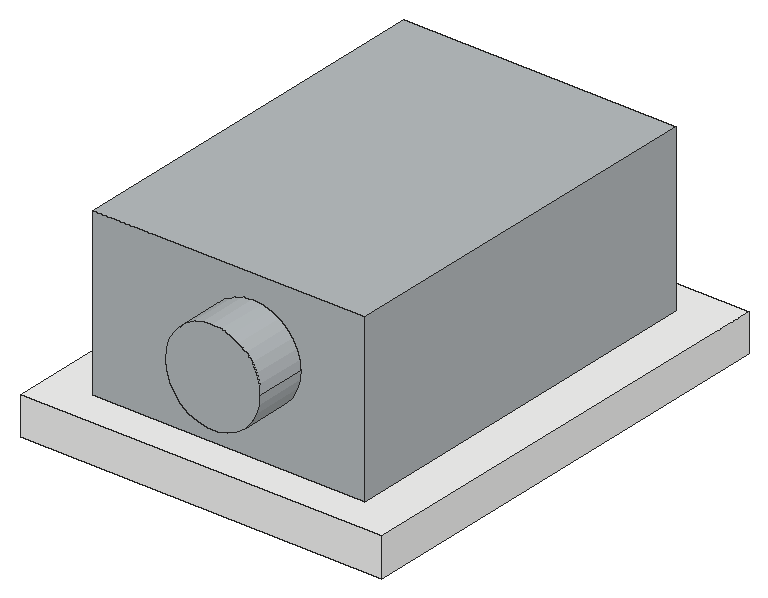
Revit family "v-141_241bz5(-rc)_60Hz", category 機械設備, Revit 2019
Family settings
  丸型コネクタ寸法 = 直径を使用
  パーツ タイプ = 標準
  OmniClass 番号 = 23.75.35.17.27
  OmniClass タイトル = Centrifugal Fans
  作業面ベース = いいえ
  常に垂直 = はい
  ロード時にボイドで切り取り = いいえ
  共有 = いいえ
  部屋計算ポイント = はい
Parameters (values of type "V-141BZ5")
  騒音レベル(dB(A)) [instance] = 44
  風量 [instance] = 170.0 m³/h
  電源種別 [instance] = ""
  電圧 = 100 V
  電動機出力 = 0 W
  電動機_種別 [instance] = ""
  運転質量 = 0.00 kg
  連動 [instance] = ""
  質量 = if(製品質量 > 運転質量, 製品質量, 運転質量) * 1.2  # 6.36 kg
  負荷分類 = 3_ファン類
  説明 = "バス乾燥・暖房・換気システム 標準タイプ 1部屋用"
  設計風量 [instance] = 0.0 m³/h
  設置方法 = "カセット形"
  記号 [instance] = ""
  製造元 = "三菱電機株式会社"
  製品質量 = 5.30 kg
  製品出荷対象 = "国内"
  製品リリース年月 = "2022年6月1日"
  製品グループ = ""
  系統 [instance] = ""
  符号 [instance] = if(☑給気／□排気, "FS", "FE")  # "FE"
  積算_科目 = "2 換気設備"
  積算_拾い区分 [instance] = ""
  相 = 1
  盤記号 [instance] = ""
  発停方法 [instance] = ""
  特殊仕様 [instance] = ""
  点検口離隔 = 150 mm
  点検口_Depth = 450 mm
  点検口 = yes
  火災停止 [instance] = ""
  消費電力 = 1250 W
  法定耐用年数 = "10"
  機外静圧 [instance] = 0.0 Pa
  極数 = 2
  材質 [instance] = ""
  操作・制御方式 = ""
  操作・制御スイッチ = ""
  排気量 [instance] = if(☑給気／□排気, 0.0 m³/h, 設計風量)  # 0.0 m³/h
  形式 = ""
  幹線記号 [instance] = ""
  対象室 [instance] = ""
  実風量 [instance] = 0.0 m³/h
  始動方式 [instance] = "直入"
  本体固定用穴ピッチ4 = 424 mm
  本体固定用穴ピッチ3 = 224 mm
  本体固定用穴ピッチ2 = 265 mm
  本体固定用穴ピッチ1 = 304 mm
  外気量 [instance] = if(☑給気／□排気, 設計風量, 0.0 m³/h)  # 0.0 m³/h
  呼称 = "天井扇"
  周波数 = 60 Hz
  参照している仕様書等のバージョン = ""
  分類コード = "50052503100080"
  分類グループ = ""
  価格 = 111000
  企業コード = "108420"
  付属品_防振装置 = ""
  付属品 [instance] = ""
  仕様書バージョン = "Version1.0"
  モデル = "V-141BZ5"
  マテリアル = 亜鉛メッキ鋼板
  ファンの種類 = ""
  ダクト径 = 100 mm
  コメント [instance] = ""
  Keynote = ""
  カバーマテリアル = 合成樹脂(白)
  ☑給気／□排気 [instance] = no
  Width = 280 mm
  W2 = 25 mm
  W1 = 372 mm
  Version = ""
  Uniclass2015Version = "Systems v1.9"
  Uniclass2015Title = "Centrifugal fans"
  Uniclass2015Code = "Pr_65_67_29_12"
  URL = "https://www.mitsubishielectric.co.jp/ldg/wink/ssl/displayProduct.do?pid=320524"
  SpecificationReference = ""
  SpecificationDescription = ""
  Revision = ""
  ProductInformation = ""
  OmniClassCode = "23-33 31 19 11 15"
  MIN風量 = 90.0 m³/h
  MIN静圧 = 0.0 Pa
  MID風量 = 0.0 m³/h
  MID静圧 = 0.0 Pa
  MAX風量 = 170.0 m³/h
  MAX静圧 = 0.0 Pa
  IfcTypeProduct = ""
  IfcProduct = ""
  IfcExportType = "PROPELLORAXIAL"
  IfcExportAs = "IfcFanType"
  Height = 170 mm
  H2 = 97 mm
  H1 = 39 mm
  EAサイズ_D = 97.5 mm
  Depth = 400 mm
  D2 = 51.8 mm
  D1 = 472 mm
  Author = "三菱電機株式会社"
Types (3, lengths in mm): name | 騒音レベル(dB(A)) | 風量 | 電圧 | 質量 | 製品質量 | 消費電力 | 極数 | 価格 | モデル | URL | MIN風量 | MAX風量
  V-141BZ5 | 44 | 170.0 m³/h | 100 V | 6.36 kg | 5.30 kg | 1250 W | 2 | 111000 | "V-141BZ5" | "https://www.mitsubishielectric.co.jp/ldg/wink/ssl/displayProduct.do?pid=320524" | 90.0 m³/h | 170.0 m³/h
  V-241BZ5 | 49 | 210.0 m³/h | 200 V | 6.96 kg | 5.80 kg | 2050 W | 3 | 137100 | "V-241BZ5" | "https://www.mitsubishielectric.co.jp/ldg/wink/ssl/displayProduct.do?pid=320489" | 110.0 m³/h | 210.0 m³/h
  V-241BZ5-RC | 49 | 210.0 m³/h | 200 V | 6.96 kg | 5.80 kg | 2050 W | 3 | 179000 | "V-241BZ5-RC" | "https://www.mitsubishielectric.co.jp/ldg/wink/ssl/displayProduct.do?pid=320490" | 110.0 m³/h | 210.0 m³/h
Reference planes
  plane 1 "中心(正面/背面)": y = 0
  plane 2: z = 0
  plane 3 "中心(左/右)": x = 0
  plane 4: x = -186
  plane 5: x = 186
  plane 6: y = 236
  plane 7: y = -236
  plane 8: x = -140
  plane 9: x = 140
  plane 10: y = 200
  plane 11: y = -200
  plane 12: y = -251.8
  plane 13: z = 170
  plane 14: z = -39
  plane 15: z = 97
  plane 16: x = -152
  plane 17: x = 152
  plane 18: y = 132.5
  plane 19: y = -132.5
  plane 20: x = 25
  plane 21: x = -112
  plane 22: x = 112
  plane 23: y = 212
  plane 24: y = -212
  plane 25: x = -290
  plane 26: x = -740
  plane 27: y = 225
  plane 28: y = -225
Forms (mm)
  Extrusion 1, solid, material "亜鉛メッキ鋼板" <- "マテリアル", detail levels fine
    sketch origin (0, 0, 0) x (1, 0, 0) y (0, 1, 0)
      loop
        line (-140, 200) -> (-140, -200) -> (140, -200) -> (140, 200) -> (-140, 200)
    from 0 to 170
  Extrusion 2, solid, material "合成樹脂(白)" <- "カバーマテリアル", detail levels fine
    sketch origin (0, 0, 0) x (1, 0, 0) y (0, 1, 0)
      loop
        line (-186, 236) -> (-186, -236) -> (186, -236) -> (186, 236) -> (-186, 236)
    from 0 to -39
  Extrusion 3, solid, material "亜鉛メッキ鋼板" <- "マテリアル", detail levels fine
    sketch origin (0, 0, 0) x (1, 0, 0) y (0, 0, 1)
      loop
        circle (25, 97) r 48.75
    from 200 to 251.8
Dimensions and locks
  equal spacing: plane 4, plane 3 "中心(左/右)", plane 5
  "W1": plane 4 to plane 5
  equal spacing: plane 6, plane 1 "中心(正面/背面)", plane 7
  "D1": plane 6 to plane 7
  equal spacing: plane 8, plane 3 "中心(左/右)", plane 9
  "Width": plane 8 to plane 9
  equal spacing: plane 10, plane 1 "中心(正面/背面)", plane 11
  "Depth": plane 10 to plane 11
  "D2": plane 11 to plane 12
  "Height": plane 13 to plane 2
  "H2": plane 15 to plane 2
  equal spacing: plane 16, plane 3 "中心(左/右)", plane 17
  "本体固定用穴ピッチ1": plane 16 to plane 17
  equal spacing: plane 18, plane 1 "中心(正面/背面)", plane 19
  "本体固定用穴ピッチ2": plane 18 to plane 19
  "H1": plane 2 to plane 14
  "W2": plane 20 to plane 3 "中心(左/右)"
  equal spacing: plane 23, plane 1 "中心(正面/背面)", plane 24
  "本体固定用穴ピッチ4": plane 23 to plane 24
  equal spacing: plane 21, plane 3 "中心(左/右)", plane 22
  "本体固定用穴ピッチ3": plane 21 to plane 22
  equal spacing: plane 27, plane 1 "中心(正面/背面)", plane 28
  "点検口_Depth": plane 27 to plane 28
  "点検口_Depth": plane 26 to plane 25
  "点検口離隔": plane 25 to plane 8
  "EAサイズ_D": diameter of Extrusion 3 sketch curve
  aligned and locked: level to plane 2
  aligned and locked: plane 5 to Extrusion 2
  aligned and locked: plane 6 to Extrusion 2
  aligned and locked: Extrusion 2 to plane 4
  aligned and locked: Extrusion 2 to plane 7
  aligned and locked: plane 9 to Extrusion 1
  aligned and locked: Extrusion 1 to plane 11
  aligned and locked: Extrusion 1 to plane 8
  aligned and locked: plane 10 to Extrusion 1
  aligned and locked: plane 13 to Extrusion 1
  aligned and locked: Extrusion 2 to plane 14
  aligned and locked: level to Extrusion 2
  aligned and locked: Extrusion 1 to level
  aligned and locked: Extrusion 3 to plane 12
  aligned and locked: plane 11 to Extrusion 3
  aligned and locked: nested 2 to plane 16
  aligned and locked: nested 2 to plane 17
  aligned and locked: nested 2 to plane 19
  aligned and locked: nested 2 to plane 18
  aligned and locked: nested 3 to plane 23
  aligned and locked: nested 3 to plane 24
  aligned and locked: nested 3 to plane 21
  aligned and locked: nested 3 to plane 22
  aligned and locked: plane 25 to nested 4
  aligned and locked: plane 26 to nested 4
  aligned and locked: plane 27 to nested 4
  aligned and locked: plane 28 to nested 4
Automatic sketch dimensions
  Extrusion 1 sketch curve to plane 3 "中心(左/右)" = 140 mm
  plane 3 "中心(左/右)" to Extrusion 1 sketch curve = 140 mm
  Extrusion 2 sketch curve to plane 3 "中心(左/右)" = 186 mm
  plane 3 "中心(左/右)" to Extrusion 2 sketch curve = 186 mm
  plane 1 "中心(正面/背面)" to Extrusion 1 sketch curve = 200 mm
  Extrusion 1 sketch curve to plane 1 "中心(正面/背面)" = 200 mm
  plane 1 "中心(正面/背面)" to Extrusion 2 sketch curve = 236 mm
  Extrusion 2 sketch curve to plane 1 "中心(正面/背面)" = 236 mm
  Extrusion 3 sketch curve to plane 15 = 0 mm
  Extrusion 3 sketch curve to plane 20 = 0 mm
Nested families
  nested 1: "記号_天井換気扇_平面" at (0, 0, 0), type "記号_天井換気扇_平面", detail levels coarse+medium
  nested 2: "固定点" at (-152, -132.5, 0), type "固定点"
    with W 304 mm, D 265 mm
  nested 3: "固定点" at (-112, -212, 0), type "固定点"
    with W 224 mm, D 424 mm
  nested 4: "点検口設置範囲" at (-515, 0, 0), visible <- "点検口", type "点検口設置範囲"
    with Width 450 mm, Depth 450 mm
Connectors
  hvac at (25, -251.8, 97), driven by "ダクト径", driven by "風量", driven by "機外静圧"
    settings: on Extrusion 3, index 1, duct flow 170.0 m³/h, flow factor 0, pres drop 0.0 Pa, loss coef 0, conn angle 0.00°, conn width 304.8 mm, conn height 304.8 mm, conn diameter 100 mm, duct sys type 3, conn prof type 0, flow config 0, flow direction 2, loss method 4, conn ref index -1, conn util no, is conn primary yes, conn desc ""
  electrical at (0, 0, 170), driven by "極数", driven by "負荷分類", driven by "電圧", driven by "消費電力"
    settings: on Extrusion 1, index 3, voltage 100 V, apparent load 1250 VA, apparent load phase1 0 VA, apparent load phase2 0 VA, apparent load phase3 0 VA, power factor 1, load classification "3_ファン類", number of poles 2, system type 30, power factor state 1, is connector primary yes, connector utility no, sub classification motor no, connector description ""
Definition of nested family "記号_天井換気扇_平面"
  Reference planes
    plane 1: y = 0
    plane 2: x = 0
  Lines and regions (mm)
    detail lines
      curve 1: line (-2.5, 2.5, 0) -> (2.5, 2.5, 0)
      curve 2: line (-2.5, -2.5, 0) -> (-2.5, 2.5, 0)
      curve 3: line (2.5, -2.5, 0) -> (-2.5, -2.5, 0)
      curve 4: line (2.5, 2.5, 0) -> (2.5, -2.5, 0)
      curve 5: circle (-1.04, -1.04, 0) r 1.46 normal (0, 0, 1)
      curve 6: circle (1.04, 1.04, 0) r 1.46 normal (0, 0, 1)
      curve 7: line (-3.125, 3.125, 0) -> (3.125, 3.125, 0)
      curve 8: line (-3.125, -3.125, 0) -> (-3.125, 3.125, 0)
      curve 9: line (3.125, -3.125, 0) -> (-3.125, -3.125, 0)
      curve 10: line (3.125, 3.125, 0) -> (3.125, -3.125, 0)
      curve 11: circle (1.295, 1.295, 0) r 1.83 normal (0, 0, 1)
      curve 12: circle (-1.295, -1.295, 0) r 1.83 normal (0, 0, 1)
      curve 13: line (-2, 2, 0) -> (2, 2, 0)
      curve 14: line (-2, -2, 0) -> (-2, 2, 0)
      curve 15: line (2, -2, 0) -> (-2, -2, 0)
      curve 16: line (2, 2, 0) -> (2, -2, 0)
      curve 17: circle (0.84, 0.84, 0) r 1.16 normal (0, 0, 1)
      curve 18: circle (-0.84, -0.84, 0) r 1.2 normal (0, 0, 1)
Definition of nested family "固定点"
  Parameters (values of type "固定点")
    中心円 = 20 mm
    W [instance] = 1000 mm
    D [instance] = 1000 mm
  Reference planes
    plane 1 "中心(正面/背面)": y = 0
    plane 2: z = 0
    plane 3 "中心(左/右)": x = 0
    plane 4: x = 1000
    plane 5: y = 1000
  Lines and regions (mm)
    symbolic lines, detail levels fine
      curve 1: circle (0, 1000, 0) r 10 normal (0, 0, 1)
      curve 2: circle (0, 0, 0) r 10 normal (0, 0, 1)
      curve 3: circle (1000, 1000, 0) r 10 normal (0, 0, 1)
      curve 4: circle (1000, 0, 0) r 10 normal (0, 0, 1)
      curve 5: line (-200, 1000, 0) -> (1200, 1000, 0)
      curve 6: line (-200, 0, 0) -> (1200, 0, 0)
      curve 7: line (0, 1200, 0) -> (0, -200, 0)
      curve 8: line (1000, 1200, 0) -> (1000, -200, 0)
  Dimensions and locks
    "W": plane 3 "中心(左/右)" to plane 4
    "D": plane 1 "中心(正面/背面)" to plane 5
    "中心円": diameter of curve 1
    "中心円": diameter of curve 2
    "中心円": diameter of curve 3
    "中心円": diameter of curve 4
    aligned and locked: level to plane 2
    aligned and locked: plane 5 to curve 1
    aligned and locked: plane 3 "中心(左/右)" to curve 1
    aligned and locked: plane 3 "中心(左/右)" to curve 2
    aligned and locked: plane 1 "中心(正面/背面)" to curve 2
    aligned and locked: plane 4 to curve 3
    aligned and locked: plane 5 to curve 3
    aligned and locked: plane 1 "中心(正面/背面)" to curve 4
    aligned and locked: plane 4 to curve 4
    aligned and locked: plane 1 "中心(正面/背面)" to curve 6
    aligned and locked: curve 7 to plane 3 "中心(左/右)"
    aligned and locked: curve 8 to plane 4
  Automatic sketch dimensions
    curve 5 to plane 5 = 0 mm
    curve 6 to plane 3 "中心(左/右)" = 200 mm
    curve 5 to plane 3 "中心(左/右)" = 200 mm
    curve 4 to curve 6 = 200 mm
    curve 3 to curve 5 = 200 mm
    plane 1 "中心(正面/背面)" to curve 8 = 200 mm
    plane 1 "中心(正面/背面)" to curve 7 = 200 mm
    curve 3 to curve 8 = 200 mm
    curve 1 to curve 7 = 200 mm
Definition of nested family "点検口設置範囲"
  Parameters (values of type "点検口設置範囲")
    Width [instance] = 1000 mm
    Depth [instance] = 700 mm
  Reference planes
    plane 1 "中心(正面/背面)": y = 0
    plane 2: z = 0
    plane 3 "中心(左/右)": x = 0
    plane 4: x = -500
    plane 5: x = 500
    plane 6: y = -350
    plane 7: y = 350
  Lines and regions (mm)
    model lines
      curve 1: line (-500, 350, 0) -> (500, 350, 0)
      curve 2: line (-500, -350, 0) -> (-500, 350, 0)
      curve 3: line (500, -350, 0) -> (-500, -350, 0)
      curve 4: line (500, 350, 0) -> (500, -350, 0)
  Dimensions and locks
    "Depth": plane 7 to plane 6
    "Width": plane 4 to plane 5
    equal spacing: plane 7, plane 1 "中心(正面/背面)", plane 6
    equal spacing: plane 4, plane 3 "中心(左/右)", plane 5
    aligned and locked: level to plane 2
    aligned and locked: plane 4 to curve 2
    aligned and locked: curve 1 to plane 7
    aligned and locked: curve 4 to plane 5
    aligned and locked: plane 6 to curve 3
